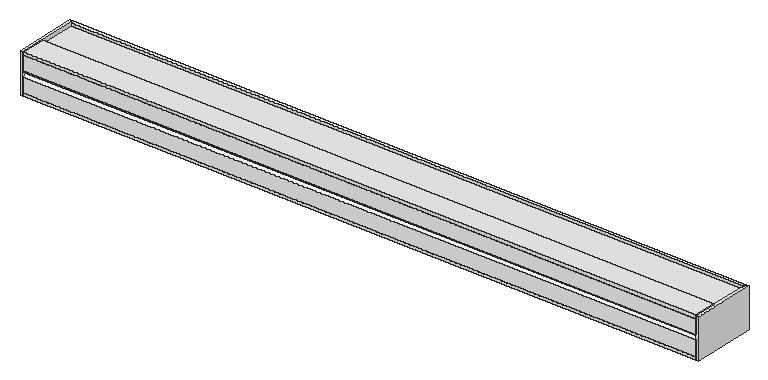
Revit family "4070750+4070747 Feilo Sylvania Lighting Fixture CURSUS 591MM 365LM WIDE LED 3K with SINGLE WALL HOUSING", category Lighting Fixtures, host Face, Revit 2017
Family settings
  Host = Face
  Round Connector Dimension = Use Diameter
  Part Type = Normal
  OmniClass Number = 23.80.70.14
  OmniClass Title = Luminaries for External Lighting
  Cut with Voids When Loaded = Yes
  Light Source = Yes
  Shared = Yes
  Room Calculation Point = No
Parameters (values of type "4070750 CURSUS 591MM 365LM WIDE LED 3K")
  Width_FEILO = 35 mm
  Weight = "1.2 kg"
  Wattage Comments = "n/a"
  Wattage = 9 W
  WarrantyStartDate [instance] = "n/a"
  WarrantyGuarantorParts = "n/a"
  WarrantyDurationUnit = "n/a"
  WarrantyDurationParts = "n/a"
  WarrantyDescription = "n/a"
  WallThickness_FEILO = 2.5 mm
  built-in parameter 1150110 = 1 (stored number, unit not read)
  Voltage = 24 V
  URL = "http://www.sylvania-lighting.com"
  TypeName = "CURSUS 591MM 365LM WIDE LED 3K"
  Type Image = <None>
  Type Comments = "n/a"
  built-in parameter 1114217 = 1 (stored number, unit not read)
  Tilt Angle = -90.00°
  built-in parameter 1150109 = 1 (stored number, unit not read)
  built-in parameter 1150134 = (empty or 0)
  built-in parameter 1150113 = 1 (stored number, unit not read)
  SerialNumber [instance] = "n/a"
  ReflectorMaterial = none
  PowerFactor = 0
  PowerConsumption = "9 W"
  Photometric Web File = "4070750.ies"
  NominalLength = 591 mm
  NominalHeight = 50 mm
  NominalDepth = 30 mm
  Name = "CURSUS 591MM 365LM WIDE LED 3K"
  ModelReference = Name  # "CURSUS 591MM 365LM WIDE LED 3K"
  ModelNumber = "4070750"
  Model = Name  # "CURSUS 591MM 365LM WIDE LED 3K"
  Material = "natural anodised extruded aluminium structure housing"
  ManufacturerName = "Feilo Sylvania"
  Manufacturer = "Feilo Sylvania"
  LuminousEfficacy = "40.55 lm/W"
  built-in parameter 1150105 = 201.45 (stored number, unit not read)
  Lumens = 365 lm
  LuminaireType = ""
  built-in parameter 1150115 = 1 (stored number, unit not read)
  LightOutputRatio = "100"
  built-in parameter 1150137 = (empty or 0)
  built-in parameter 1150139 = (empty or 0)
  Length_FEILO = 597 mm
  LampsType = Lamp  # "LED"
  LampNominalLuminous = "365 lm"
  LampMacAdamStep = "n/a"
  LampColourTemperature = "3000 K"
  LampColourRenderingIndex = "80"
  built-in parameter 1150112 = 1 (stored number, unit not read)
  built-in parameter 1150114 = 1 (stored number, unit not read)
  Lamp = "LED"
  Keynote = "16500"
  InstallationDate [instance] = "n/a"
  InputVoltage = "24V DC"
  InputNominalFrequency = "n/a"
  built-in parameter 1150132 = (empty or 0)
  built-in parameter 1150102 = (empty or 0)
  built-in parameter 1150107 = 3000 (stored number, unit not read)
  built-in parameter 1150138 = (empty or 0)
  IngressProtection = "IP67"
  ImpactProtectionIndex = "IK07"
  built-in parameter 1150106 = 2.0145 (stored number, unit not read)
  IfcExportType = "IfcLightFixtureType"
  IfcExportAs = "IfcLightFixtureType"
  ExpectedLife = 50000
  EndCapRight [instance] = yes
  EndCapLeft [instance] = yes
  Emit from Rectangle Width = Width_FEILO - WallThickness_FEILO * 2  # 30 mm
  Emit from Rectangle Length = Length_FEILO - WallThickness_FEILO * 2  # 592 mm
  Emit Shape Visible in Rendering = no
  ElectricShockClassification = "Class III"
  built-in parameter 1150104 = 3.7677 (stored number, unit not read)
  DurationUnit = "hours"
  DocumentationLiterature = "http://www.sylvania-lighting.com/product/en-int/products/4070750"
  DimmingControlOptions = "n/a"
  Dimming Lamp Color Temperature Shift = <None>
  DiffuserMaterial = Diffuser-Sylvania-Glow
  Description = "LED Exterior Lighting Recessed Surface Mounted Linear Fixture, Natural anodised extruded aluminium structure. Die-cast aluminium end caps. Installation kit with harmonic steel springs., 365 lm, 9W, 40lm/W, 3000K, CRI80+,non dimmable,IP67, IK07, (HxWxD) 591x50x30mm, 3 step Mac Adam Ellipse, 1.2kg,, Classe III, 21-25V-DC, energy class : A++, A+, A"
  Default Elevation = 1219.2 mm
  CreatedOn = "1/8/2018"
  CreatedBy = ""
  Cost = 0
  Color Filter = 16777215
  built-in parameter 1114216 [instance] = (empty or 0)
  ClassificationValue = "EF_70_80"
  ClassificationName = "Uniclass2015"
  BodyMaterial = Body-Sylvania-Gray
  BarCode [instance] = "n/a"
  built-in parameter 1114218 = 1 (stored number, unit not read)
  built-in parameter 1150133 = 10 (stored number, unit not read)
  AssetType = "Fixed"
  AssetIdentifier [instance] = "n/a"
  Assembly Code = "D5020200"
  Apparent Load = 9 VA
  AccessoryMaterial = Diffuser-Sylvania-Glow
Reference planes
  plane 1 "Center (Front/Back)": y = 0
  plane 2: z = 0
  plane 3 "Center (Left/Right)": x = 0
  plane 4: x = 298.5
  plane 5: x = -298.5
  plane 6: x = -296
  plane 7: x = 296
  plane 8: z = 35
  plane 9: z = 17.5
  plane 10: z = 32.5
  plane 11: z = 2.5
  plane 12: z = 30
  plane 13: z = 5
  plane 14: y = -55
  plane 15: y = -53
  plane 16: y = -2.5
  plane 17: y = -37
  plane 18: y = -34.5
Forms (mm)
  Extrusion 1, solid, material "Body-Sylvania-Gray" <- "BodyMaterial"
    sketch origin (0, 0, 0) x (0, 1, 0) y (0, 0, 1)
      loop
        line (0, 35) -> (-2.5, 35) -> (-2.5, 32.5) -> (-34.5, 32.5) -> (-34.5, 35) -> (-55, 35) -> (-55, 32.5) -> (-37, 32.5) -> (-37, 30) -> (-2.5, 30) -> (-2.5, 5) -> (-37, 5) -> (-37, 2.5) -> (-55, 2.5) -> (-55, 0) -> (-34.5, 0) -> (-34.5, 2.5) -> (-2.5, 2.5) -> (-2.5, 0) -> (0, 0) -> (0, 35)
    from -296 to 296
  Extrusion 2, solid, material "Diffuser-Sylvania-Glow" <- "DiffuserMaterial"
    sketch origin (0, 0, 0) x (0, 1, 0) y (0, 0, 1)
      loop
        line (-37, 32.5) -> (-55, 32.5) -> (-55, 19.5) -> (-53, 17.5) -> (-55, 15.5) -> (-55, 2.5) -> (-37, 2.5) -> (-37, 32.5)
    from -296 to 296
  Extrusion 3, solid, material "Body-Sylvania-Gray" <- "BodyMaterial", visible <- "EndCapRight"
    sketch origin (296, 1524, 1219.2) x (0, 1, 0) y (0, 0, 1)
      loop
        line (-1579, -1184.2) -> (-1579, -1219.2) -> (-1524, -1219.2) -> (-1524, -1184.2) -> (-1579, -1184.2)
    from 0 to 2.5
  Extrusion 4, solid, material "Body-Sylvania-Gray" <- "BodyMaterial", visible <- "EndCapLeft"
    sketch origin (-296, 1524, 1219.2) x (0, 1, 0) y (0, 0, 1)
      loop
        line (-1579, -1184.2) -> (-1579, -1219.2) -> (-1524, -1219.2) -> (-1524, -1184.2) -> (-1579, -1184.2)
    from -2.5 to 0
Dimensions and locks
  equal spacing: plane 5, plane 3 "Center (Left/Right)", plane 4
  "Length_FEILO": plane 5 to plane 4
  equal spacing: plane 6, plane 3 "Center (Left/Right)", plane 7
  "WallThickness_FEILO": plane 5 to plane 6
  locked: plane 9 to plane 2 at 17.5
  locked: plane 8 to plane 2 at 35
  equal spacing: plane 11, plane 9, plane 10
  equal spacing: plane 13, plane 9, plane 12
  "WallThickness_FEILO": plane 12 to plane 10
  locked: plane 14 to plane 15 at 2
  locked: plane 14 to plane 17 at 18
  "WallThickness_FEILO": plane 17 to plane 18
  "WallThickness_FEILO": plane 16 to plane 1 "Center (Front/Back)"
  locked: plane 15 to Extrusion 2 sketch curve (angle 45.00°)
  locked: Extrusion 2 sketch curve to plane 15 (angle 45.00°)
  aligned and locked: plane 2 to host face
  aligned and locked: level to host face
  aligned and locked: plane 1 "Center (Front/Back)" to Extrusion 1 sketch curve
  aligned and locked: Extrusion 1 sketch curve to plane 8  (x2)
  aligned and locked: plane 16 to Extrusion 1 sketch curve
  aligned and locked: host face to Extrusion 1 sketch curve
  aligned and locked: Extrusion 1 sketch curve to plane 16  (x2)
  aligned and locked: Extrusion 1 sketch curve to plane 11
  aligned and locked: plane 18 to Extrusion 1 sketch curve
  aligned and locked: level to Extrusion 1 sketch curve
  aligned and locked: plane 11 to Extrusion 1 sketch curve
  aligned and locked: Extrusion 1 sketch curve to plane 17
  aligned and locked: plane 13 to Extrusion 1 sketch curve
  aligned and locked: Extrusion 1 sketch curve to plane 12
  aligned and locked: plane 10 to Extrusion 1 sketch curve  (x2)
  aligned and locked: plane 17 to Extrusion 1 sketch curve  (x2)
  aligned and locked: plane 12 to Extrusion 1 sketch curve
  aligned and locked: Extrusion 1 sketch curve to plane 10
  aligned and locked: Extrusion 1 sketch curve to plane 18
  aligned and locked: plane 7 to Extrusion 1
  aligned and locked: Extrusion 1 to plane 6
  aligned and locked: Extrusion 2 sketch curve to Extrusion 1  (x4)
  aligned and locked: Extrusion 1 to Extrusion 2 sketch curve
  aligned and locked: plane 9 to Extrusion 2 sketch curve
  aligned and locked: plane 7 to Extrusion 2
  aligned and locked: Extrusion 2 to plane 6
  aligned and locked: Extrusion 3 sketch curve to Extrusion 1  (x4)
  aligned and locked: plane 4 to Extrusion 3
  aligned and locked: Extrusion 3 to plane 7
  aligned and locked: Extrusion 4 sketch curve to Extrusion 3  (x3)
  aligned and locked: Extrusion 4 sketch curve to Extrusion 1
  aligned and locked: Extrusion 4 to plane 5
  aligned and locked: plane 6 to Extrusion 4
  aligned and locked: plane 14 to imposter light
  aligned and locked: imposter light to plane 9
  aligned and locked: plane 3 "Center (Left/Right)" to imposter light
Automatic sketch dimensions
  host sketch curve to host sketch curve = 2438.4 mm  (x2)
  Extrusion 1 sketch curve to plane 14 = 0 mm  (x2)
  Extrusion 2 sketch curve to plane 15 = 0 mm
Connectors
  electrical at (0, 0, 0), driven by "Apparent Load", driven by "PowerFactor", driven by "Voltage"
    settings: index 1, voltage 24 V, apparent load 9 VA, apparent load phase1 0 VA, apparent load phase2 0 VA, apparent load phase3 0 VA, power factor 0, load classification "Lighting", number of poles 1, system type 30, power factor state 1, is connector primary yes, connector utility no, sub classification motor no, connector description ""
